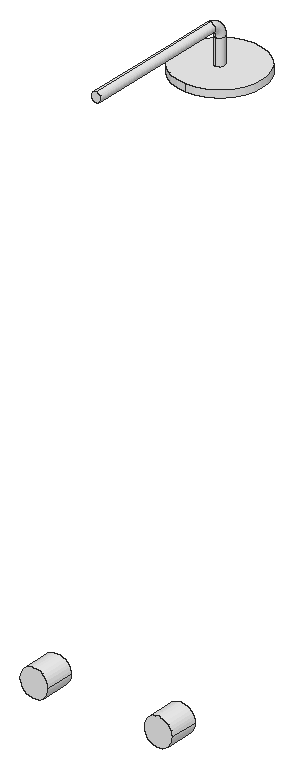
Revit family "Chuveiro_Parede_C", category Plumbing Fixtures, host Wall, Revit 2025
Family settings
  Host = Wall
  Round Connector Dimension = Use Diameter
  Part Type = Normal
  OmniClass Number = 23.45.00.00
  OmniClass Title = Sanitary, Laundry, and Cleaning Equipment
  Enable Cutting in Views = No
  Always vertical = Yes
  Cut with Voids When Loaded = No
  Maintain Annotation Orientation = No
  Shared = No
  Room Calculation Point = No
Parameters (values of type "CHV_PAR")
  Material_Chuveiro = CT_Cromados
  Description = "Descrição do tipo"
  Default Elevation = 0 mm
  Altura_Chuveiro = 2250 mm
  Altura Torneiras [instance] = 1080 mm
Reference planes
  plane 1: y = 0
  plane 2 "Center (Left/Right)": x = 125
  plane 3 "Back": y = 75
  plane 4: z = 2250
  plane 5: z = 1080
Forms (mm)
  Sweep 1, solid, material "CT_Cromados" <- "Material_Chuveiro"
    path origin (125, 0, 0) x (0, 1, 0) y (0, 0, 1)
      loop
        line (75, 2250) -> (380, 2250)
        arc (380, 2250) -> (397.678, 2242.678) -> (405, 2225) r 25
        line (405, 2225) -> (405, 2170)
    profile origin (125, 227.5, 2250) x (0, 0, 1) y (1, 0, 0)
      loop
        circle (0, 0) r 10
  Extrusion 2, solid, material "CT_Cromados" <- "Material_Chuveiro"
    sketch origin (125, 405, 2170) x (0, -1, 0) y (-1, 0, 0)
      loop
        circle (0, 0) r 90
    from 15.441 to 0
  Extrusion 3, solid, material "CT_Cromados" <- "Material_Chuveiro"
    sketch origin (-60, 75, 0) x (1, 0, 0) y (0, 0, 1)
      loop
        circle (317.921, 1080) r 30
    from 0 to -60.533
  Extrusion 4, solid, material "CT_Cromados" <- "Material_Chuveiro"
    sketch origin (310, 75, 0) x (-1, 0, 0) y (0, 0, -1)
      loop
        circle (317.921, -1080) r 30
    from 0 to -60.533
Cuts and joins
  joined: Sweep 1, Extrusion 2
Lines and regions (mm)
  model lines, style "PlumbingFixtures"
    curve 1: circle (125.066, 405.504, 0) r 90 normal (0, 0, 1)
  model lines, style "PlumbingFixturesHiddenLines"
    curve 2: line (114.16, 316.167, 0) -> (114.16, 75, 0)
    curve 3: line (134.16, 75, 0) -> (134.16, 315.964, 0)
Text (mm)
  text "Placement side" at (-1787.139, 592.35, 0), in view "Ref. Level"
  text "Placement side" at (0, 1827.695, 2917.686), in view "Left"
  text "Placement side" at (0, 562.268, 3853.606), in view "Right"
Dimensions and locks
  locked: plane 3 "Back" to host wall
  "Altura_Chuveiro": plane 4 to level
  "Altura Torneiras": level to plane 5
  aligned and locked: plane 1 to host wall
  aligned and locked: Extrusion 2 to Sweep 1
  aligned and locked: Sweep 1 to plane 3 "Back"
  aligned and locked: cut or joined group of Sweep 1, Extrusion 2 to curve 3
  aligned and locked: cut or joined group of Sweep 1, Extrusion 2 to curve 2
Automatic sketch dimensions
  Sweep 1 sketch curve to plane 3 "Back" = 0 mm
  Sweep 1 sketch curve to plane 4 = 0 mm
  Sweep 1 sketch curve to plane 4 = 25 mm
  Sweep 1 sketch curve to plane 3 "Back" = 305 mm
  Sweep 1 sketch curve to Sweep 1 sketch curve = 55 mm
  Sweep 1 sketch curve to plane 2 "Center (Left/Right)" = 0 mm
  Sweep 1 sketch curve to profile plane = 0 mm
  Extrusion 3 sketch curve to plane 5 = 0 mm
  plane 2 "Center (Left/Right)" to Extrusion 3 sketch curve = 132.921 mm
  Extrusion 4 sketch curve to plane 5 = 0 mm
  plane 2 "Center (Left/Right)" to Extrusion 4 sketch curve = 132.921 mm
  plane 2 "Center (Left/Right)" to curve 1 = 0.066 mm
  host wall to curve 1 = 330.504 mm
  curve 2 to plane 2 "Center (Left/Right)" = 10.84 mm
  plane 2 "Center (Left/Right)" to curve 3 = 9.16 mm
  curve 3 to curve 1 = 89.539 mm
  radius of Sweep 1 sketch curve = 10 mm
  radius of Sweep 1 to Extrusion 2 sketch curve = 80 mm
  radius of Extrusion 3 sketch curve = 30 mm
  radius of Extrusion 4 sketch curve = 30 mm
Connectors
  piping at (-7.921, 75, 1080), diameter 15
    settings: on Extrusion 4, index 1, connector inside diameter 609.6 mm, connector length 0 mm, flow factor 0, pipe flow 0.0 L/s, pressure drop 0.0 Pa, fitting loss kfactor 0, connector angle 0.00°, fixture units 0, engagement length 0 mm, angle of deflection 0.00°, flow configuration 0, flow direction 1, fitting loss method 0, system type 20, joint type 0, gender type 0, connector reference index -1, connector utility 0, adjustable connector no, is connector primary yes, connector description ""
  piping at (257.921, 75, 1080), diameter 15
    settings: on Extrusion 3, index 2, connector inside diameter 609.6 mm, connector length 0 mm, flow factor 0, pipe flow 0.0 L/s, pressure drop 0.0 Pa, fitting loss kfactor 0, connector angle 0.00°, fixture units 0, engagement length 0 mm, angle of deflection 0.00°, flow configuration 0, flow direction 1, fitting loss method 0, system type 19, joint type 0, gender type 0, connector reference index -1, connector utility 0, adjustable connector no, is connector primary no, connector description ""
